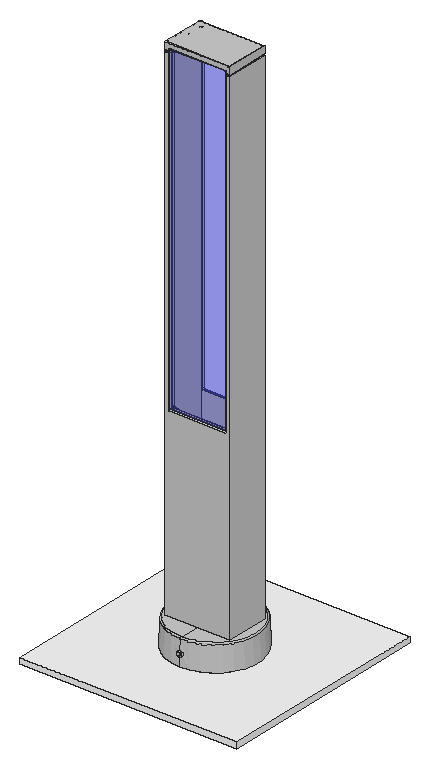
Revit family "BE_99330_de_DE", category Leuchten, Revit 2015
Parameters (values of type "BEGA_99330_Silber_K4")
  built-in parameter 1150104 = 12.089 (stored number, unit not read)
  Windangriffsfläche = ""
  Werkzeuglos = ""
  Wattage = 33.2 W
  Default Elevation = 0 mm
  built-in parameter 1150113 = 1 (stored number, unit not read)
  built-in parameter 1114218 = 1 (stored number, unit not read)
  Umgebungstemperatur = ""
  URL = "http://www.bega.de/produkt/99330"
  Typenkommentare = "© 2015 BEGA. Wir behalten uns das Recht vor, technische Änderungen ohne vorherige Ankündigung vorzunehmen."  # constant formula
  Type Image = 99330.png
  built-in parameter 1150134 = 12
  built-in parameter 1150109 = 1 (stored number, unit not read)
  Strom = ""
  built-in parameter 1150110 = 1 (stored number, unit not read)
  Spannung = 0 V
  Sonderanfertigung = no
  Seriennummer [instance] = "Hier können Sie die eindeutige Seriennummer für das Facility Management eintragen."
  Schutzklasse = "I"
  Schutzart = "IP 65"
  Scheinlast = 0 VA
  Produktdatenblatt = "http://www.bega.de/download/datenblaetter/de/99330.pdf"
  Oberflächentemperatur = ""
  Neigungswinkel = 0.00°
  Modell = "99330AK4"
  Material_17 = BEGA_Reflektor
  Material_15 = BEGA_Leuchtmedium_matt
  Material_11 = BEGA_Glas_opal
  Material_09 = BEGA_Glas_klar
  Material_06 = BEGA_Oberfläche_Edelstahl_gebürstet
  Material_02 = BEGA_Oberfläche_Silber_matt
  Material_01 [instance] = BEGA_Oberfläche_Grafit_matt
  M_W = no
  M_G = no
  M_A = yes
  Logo = 0
  built-in parameter 1114217 = 1 (stored number, unit not read)
  built-in parameter 1150139 = (empty or 0)
  built-in parameter 1150105 = 747.98 (stored number, unit not read)
  built-in parameter 1150114 = 1 (stored number, unit not read)
  Lumens = 4319.98 lm
  built-in parameter 1150115 = 1 (stored number, unit not read)
  Leuchtenlichtstrom = "1441 lm"
  Leuchtenanzahl = ""
  Lebensdauerkriterien = "L70 = 50.000 h"
  Lastklassifizierung = Beleuchtung
  built-in parameter 1150112 = 1 (stored number, unit not read)
  Lampenlichtstrom = "4320 lm"
  Lampe = "LED 33.2 W"
  LED_Modulbezeichnung = "4x LED-0380/840"
  built-in parameter 1150142 = (empty or 0)
  Hersteller = "BEGA"  # constant formula
  Halbstreuwinkel = ""
  Gewicht = "8.0 kg"
  Gebrauchslageneinschränkung [instance] = ""
  Frequenz = "50-60 Hz"
  Farbwiedergabeindex = "Ra > 80"
  Farbtemperaturverschiebung bei Dämpfen der Lampe = <Keine Auswahl>
  Farbtemperatur = "4000 K"
  Color Filter = 16777215
  Erdstücklänge_E = ""
  Erdstück [instance] = no
  built-in parameter 1150133 = 10 (stored number, unit not read)
  Energieeffizienzklasse = "LED A++ - A"
  Einstecktiefe = ""
  built-in parameter 1150137 = (empty or 0)
  built-in parameter 1150132 = (empty or 0)
  Einbau_in_Wärmedämmung = ""
  ENEC = ""
  Datei für fotometrisches Netz = "BE_99330K4.IES"
  CE_Konformität = "ja"
  Bestellnummer_Erdstück [instance] = if(Erdstück, "70895", "---")  # "---"
  Bestellnummer = "99330AK4"
  Beschreibung_Sonderanfertigung = "Hier können Sie Informationen zur Sonderanfertigung eintragen."
  Beschreibung = "Gartenleuchte"
  built-in parameter 1150106 = 7.4798 (stored number, unit not read)
  Belastbarkeit [instance] = ""
  Befestigungsbohrung = ""
  Befestigungsabstand = ""
  Ballwurfsicher = ""
  BEGA_Intern_aus = yes
  BEGA_Intern_an = yes
  BEGA_Intern_Konstruktion = yes
  BEGA_Intern = yes
  BEGA_IES = yes
  BEGA_Dummy = no
  Anschlussleitung = ""
  Anschlussleistung [instance] = "38.6 W"
  built-in parameter 1150107 = 4000 (stored number, unit not read)
  built-in parameter 1150102 = (empty or 0)
  built-in parameter 1150138 = (empty or 0)
  Aktualisierung = "2016-02-23T04:08:40"
  AC/DC = "AC"
Types (5, lengths in mm): name | built-in parameter 1150104 | built-in parameter 1150134 | Modell | M_G | M_A | built-in parameter 1150105 | Lumens | Leuchtenlichtstrom | Lampenlichtstrom | LED_Modulbezeichnung | Farbtemperatur | Datei für fotometrisches Netz | Bestellnummer | built-in parameter 1150106 | built-in parameter 1150107
  (no name) | 12.089 (stored number, unit not read) | 12 | "99330AK4" | no | yes | 747.98 (stored number, unit not read) | 4319.98 lm | "1441 lm" | "4320 lm" | "4x LED-0380/840" | "4000 K" | "BE_99330K4.IES" | "99330AK4" | 7.4798 (stored number, unit not read) | 4000 (stored number, unit not read)
  BEGA_99330_Grafit_K4 | 12.089 (stored number, unit not read) | 12 | "99330K4" | yes | no | 747.98 (stored number, unit not read) | 4319.98 lm | "1441 lm" | "4320 lm" | "4x LED-0380/840" | "4000 K" | "BE_99330K4.IES" | "99330K4" | 7.4798 (stored number, unit not read) | 4000 (stored number, unit not read)
  BEGA_99330_Grafit_K3 | 11.417 (stored number, unit not read) | (empty or 0) | "99330" | yes | no | 706.58 (stored number, unit not read) | 4079.95 lm | "1391 lm" | "4080 lm" | "4x LED-0380/830" | "3000 K" | "BE_99330.IES" | "99330" | 7.0658 (stored number, unit not read) | 3000 (stored number, unit not read)
  BEGA_99330_Silber_K3 | 11.417 (stored number, unit not read) | (empty or 0) | "99330A" | no | yes | 706.58 (stored number, unit not read) | 4079.95 lm | "1391 lm" | "4080 lm" | "4x LED-0380/830" | "3000 K" | "BE_99330.IES" | "99330A" | 7.0658 (stored number, unit not read) | 3000 (stored number, unit not read)
  BEGA_99330_Silber_K4 | 12.089 (stored number, unit not read) | 12 | "99330AK4" | no | yes | 747.98 (stored number, unit not read) | 4319.98 lm | "1441 lm" | "4320 lm" | "4x LED-0380/840" | "4000 K" | "BE_99330K4.IES" | "99330AK4" | 7.4798 (stored number, unit not read) | 4000 (stored number, unit not read)
Reference planes
  plane 1 "Mitte (Vorne/Hinten)": y = 0
  plane 2: z = 0
  plane 3 "Mitte (Links/Rechts)": x = 0
  plane 4 "Links": x = -81
  plane 5 "Rechts": x = 81
  plane 6 "Unten": y = -81
  plane 7 "Oben": y = 81
  plane 8 "Vorne": z = 1000.148
Forms (mm)
  Extrusion 1, solid, material "BEGA_Platte_Weiss"
    sketch origin (0, -1119.2, 0) x (1, 0, 0) y (0, 1, 0)
      loop
        line (-200, 1319.2) -> (-200, 919.2) -> (200, 919.2) -> (200, 1319.2) -> (-200, 1319.2)
    from 0 to -10
  Extrusion 2, solid, material "BEGA_Dummy_matt", visible <- "BEGA_Dummy"
    sketch origin (77.149, -76.023, 0) x (1, 0, 0) y (0, 1, 0)
      loop
        circle (-77.149, 76.023) r 81
    from 0 to 1000.148
Dimensions and locks
  plane 1 "Mitte (Vorne/Hinten)" to Extrusion 1 = 200 mm
  aligned and locked: plane 2 to Extrusion 1
  aligned and locked: level to Extrusion 1
Nested families
  nested 1: "BE_99330" at (0, 0, 0), type "BE_99330"
Connectors
  electrical at (0, 0, 0), driven by "Lastklassifizierung", driven by "Spannung", driven by "Scheinlast"
    settings: index 1, voltage 0 V, apparent load 0 VA, apparent load phase1 0 VA, apparent load phase2 0 VA, apparent load phase3 0 VA, power factor 1, load classification "Beleuchtung", number of poles 1, system type 31, power factor state 1, is connector primary yes, connector utility no, sub classification motor no, connector description ""
Definition of nested family "BE_99330"
  Parameters (values of type "BE_99330")
    Default Elevation = 1 mm
    URL = "http://www.bega.de/de/produkt"
    Type Comments = "© 2015 BEGA. Wir behalten uns das Recht vor, technische Änderungen ohne vorherige Ankündigung vorzunehmen. "  # constant formula
    Type Image = (empty or 0)
    Material_17 = none
    Material_15 = none
    Material_11 = none
    Material_09 = none
    Material_06 = none
    Material_03 = none
    Material_02 = none
    Material_01 = none
    M_W = yes
    M_G = yes
    M_A = yes
    Länge_Platte = 200 mm  # constant formula
    Höhe_Platte = -10 mm  # constant formula
    Manufacturer = "BEGA"  # constant formula
    Breite_Platte = 200 mm  # constant formula
  Reference planes
    plane 1 "Mitte (Oben/Unten)": y = 0
    plane 2: z = 0
    plane 3 "Mitte (Links/Rechts)": x = 0
    plane 4 "Hinten": z = 1000.148
    plane 5 "Links": x = -81
    plane 6 "Unten": y = -81
    plane 7: x = 81
    plane 8: y = 81
  Forms (mm)
    Extrusion 1, solid, detail levels medium
      sketch origin (0, 0, 0) x (1, 0, 0) y (0, 1, 0)
        loop
          line (-100, 100) -> (-100, -100) -> (100, -100) -> (100, 100) -> (-100, 100)
      from 0 to -10 <- "Höhe_Platte"
    Revolve 2, solid, material <- "Material_01", visible <- "M_G", detail levels medium+fine
      sketch origin (0, 0, 0) x (0, 1, 0) y (0, 0, 1)
        loop
          line (76, 0) -> (76, 5.5) -> (0, 5.5) -> (0, 0) -> (76, 0)
        axis (0, 0) -> (0, 5.5)
      angle from 0 to 360
    Revolve 3, solid, material <- "Material_01", visible <- "M_G", detail levels medium+fine
      sketch origin (0, 0, 0) x (0, 1, 0) y (0, 0, 1)
        loop
          arc (79.391, 48.215) -> (78.783, 49.585) -> (77.392, 50.148) r 2
          line (77.392, 50.148) -> (0, 50.148) -> (0, 42.148) -> (68.762, 42.148)
          arc (68.762, 42.148) -> (70.254, 41.646) -> (70.92, 40.221) r 2
          line (70.92, 40.221) -> (72.121, 5.835) -> (77.5, 5.648) -> (77.5, 2.148) -> (81, 2.148) -> (79.391, 48.215)
        axis (0, 50.148) -> (0, 2.148)
      angle from 0 to 360
    Sweep 4, solid, material <- "Material_01", visible <- "M_G", detail levels medium+fine
      path origin (0, 0, 0) x (1, 0, 0) y (0, 1, 0)
        loop
          line (60, 40) -> (-60, 40) -> (-60, -40) -> (60, -40) -> (60, 40)
      profile origin (0, 40, 0) x (0, -1, 0) y (0, 0, 1)
        loop
          line (0, 985.684) -> (2.449, 983.148) -> (6.9, 983.148) -> (7.532, 995.2)
          arc (7.532, 995.2) -> (7.842, 995.873) -> (8.53, 996.148) r 1
          line (8.53, 996.148) -> (17.785, 996.148) -> (17.785, 1000.148) -> (0.779, 1000.148)
          arc (0.779, 1000.148) -> (0.347, 1000.049) -> (0, 999.774) r 1
          line (0, 999.774) -> (0, 985.684)
    Extrusion 5, solid, material <- "Material_01", visible <- "M_G", detail levels medium+fine
      sketch origin (0, 0, 0) x (1, 0, 0) y (0, 1, 0)
        loop
          line (-42.215, 22.215) -> (-42.215, -22.215) -> (42.215, -22.215) -> (42.215, 22.215) -> (-42.215, 22.215)
      from 996.148 to 1000.148
    Sweep 6, solid, material <- "Material_01", visible <- "M_G", detail levels medium+fine
      path in 3D
        loop
          line (-60, 40, 999.774) -> (-60, -40, 999.774) -> (60, -40, 999.774) -> (60, 40, 999.774) -> (-60, 40, 999.774)
      profile origin (0, 40, 999.774) x (0, 0, 1) y (0, 1, 0)
        loop
          line (-949.627, 0) -> (-949.627, -6.8) -> (-16.627, -6.8) -> (-16.627, 0) -> (-949.627, 0)
    Sweep 7, void
      path origin (0, 0, 0) x (1, 0, 0) y (0, 0, 1)
        loop
          line (-53.711, 991.858) -> (-53.711, 389.437) -> (53.711, 389.437) -> (53.711, 991.858) -> (-53.711, 991.858)
      profile origin (0, 0, 991.858) x (0, 0, 1) y (0, -1, 0)
        loop
          line (0, 40) -> (-28.988, 40) -> (-28.988, 34.8) -> (-1.893, 34.8) -> (0, 40)
    Extrusion 8, solid, material <- "Material_11", detail levels medium+fine
      sketch origin (0, 0, 0) x (0, 1, 0) y (0, 0, 1)
        loop
          line (-39.8, 391.648) -> (-34.8, 391.648) -> (-34.8, 989.648) -> (-39.8, 989.648) -> (-39.8, 391.648)
      from -51.603 to 51.542
    Revolve 9, solid, material <- "Material_02", visible <- "M_A", detail levels medium+fine
      sketch origin (0, 0, 0) x (0, 1, 0) y (0, 0, 1)
        loop
          line (76, 0) -> (76, 5.5) -> (0, 5.5) -> (0, 0) -> (76, 0)
        axis (0, 0) -> (0, 5.5)
      angle from 0 to 360
    Revolve 10, solid, material <- "Material_02", visible <- "M_A", detail levels medium+fine
      sketch origin (0, 0, 0) x (0, 1, 0) y (0, 0, 1)
        loop
          arc (79.391, 48.215) -> (78.783, 49.585) -> (77.392, 50.148) r 2
          line (77.392, 50.148) -> (0, 50.148) -> (0, 42.148) -> (68.762, 42.148)
          arc (68.762, 42.148) -> (70.254, 41.646) -> (70.92, 40.221) r 2
          line (70.92, 40.221) -> (72.121, 5.835) -> (77.5, 5.648) -> (77.5, 2.148) -> (81, 2.148) -> (79.391, 48.215)
        axis (0, 50.148) -> (0, 2.148)
      angle from 0 to 360
    Sweep 11, solid, material <- "Material_02", visible <- "M_A", detail levels medium+fine
      path in 3D
        loop
          line (-60, 40, 999.774) -> (-60, -40, 999.774) -> (60, -40, 999.774) -> (60, 40, 999.774) -> (-60, 40, 999.774)
      profile origin (0, 40, 999.774) x (0, 0, 1) y (0, 1, 0)
        loop
          line (-949.627, 0) -> (-949.627, -6.8) -> (-16.627, -6.8) -> (-16.627, 0) -> (-949.627, 0)
    Sweep 12, solid, material <- "Material_02", visible <- "M_A", detail levels medium+fine
      path origin (0, 0, 0) x (1, 0, 0) y (0, 1, 0)
        loop
          line (60, 40) -> (-60, 40) -> (-60, -40) -> (60, -40) -> (60, 40)
      profile origin (0, 40, 0) x (0, -1, 0) y (0, 0, 1)
        loop
          line (0, 985.684) -> (2.449, 983.148) -> (6.9, 983.148) -> (7.532, 995.2)
          arc (7.532, 995.2) -> (7.842, 995.873) -> (8.53, 996.148) r 1
          line (8.53, 996.148) -> (17.785, 996.148) -> (17.785, 1000.148) -> (0.779, 1000.148)
          arc (0.779, 1000.148) -> (0.347, 1000.049) -> (0, 999.774) r 1
          line (0, 999.774) -> (0, 985.684)
    Extrusion 13, solid, material <- "Material_02", visible <- "M_A", detail levels medium+fine
      sketch origin (0, 0, 0) x (1, 0, 0) y (0, 1, 0)
        loop
          line (-42.215, 22.215) -> (-42.215, -22.215) -> (42.215, -22.215) -> (42.215, 22.215) -> (-42.215, 22.215)
      from 996.148 to 1000.148
    Revolve 14, void
      sketch origin (0, 0, 0) x (0, 1, 0) y (0, 0, 1)
        loop
          line (-80.443, 29.398) -> (-80.443, 24.148) -> (-71.081, 24.148) -> (-71.081, 29.398) -> (-80.443, 29.398)
        axis (-71.081, 24.148) -> (-80.443, 24.148)
      angle from 0 to 360
    Revolve 15, solid, material <- "Material_06", detail levels fine
      sketch origin (0, 0, 0) x (0, 1, 0) y (0, 0, 1)
        loop
          line (-71.912, 29.148) -> (-81.58, 29.148) -> (-82.5, 28.228) -> (-82.5, 24.148) -> (-71.912, 24.148) -> (-71.912, 29.148)
        axis (-71.912, 24.148) -> (-82.5, 24.148)
      angle from 0 to 360
    Extrusion 16, void
      sketch origin (0, 0, 0) x (1, 0, 0) y (0, 1, 0)
        loop
          arc (-10.618, -36.999) -> (-0.003, -38.492) -> (10.613, -37.001) r 38.5
          arc (10.613, -37.001) -> (13.012, -32.671) -> (8.683, -30.272) r 3.5
          arc (8.683, -30.272) -> (0, -31.492) -> (-8.682, -30.272) r 31.5
          arc (-8.682, -30.272) -> (-13.01, -32.669) -> (-10.618, -36.999) r 3.5
        loop
          arc (31.613, -32.728) -> (31.502, -39.083) -> (37.857, -39.194) r 4.495
          arc (37.857, -39.194) -> (47.194, -27.244) -> (52.876, -13.185) r 54.493
          arc (52.876, -13.185) -> (49.609, -7.728) -> (44.156, -11.001) r 4.495
          arc (44.156, -11.001) -> (39.411, -22.746) -> (31.613, -32.728) r 45.516
        loop
          arc (30.564, 7.629) -> (34.804, 5.079) -> (37.358, 9.317) r 3.5
          arc (37.358, 9.317) -> (33.341, 19.26) -> (26.738, 27.709) r 38.5
          arc (26.738, 27.709) -> (21.792, 27.613) -> (21.881, 22.667) r 3.5
          arc (21.881, 22.667) -> (27.279, 15.758) -> (30.564, 7.629) r 31.5
        loop
          arc (-21.882, 22.667) -> (-21.796, 27.616) -> (-26.745, 27.702) r 3.5
          arc (-26.745, 27.702) -> (-33.342, 19.257) -> (-37.357, 9.321) r 38.5
          arc (-37.357, 9.321) -> (-34.807, 5.079) -> (-30.565, 7.628) r 3.5
          arc (-30.565, 7.628) -> (-27.28, 15.757) -> (-21.882, 22.667) r 31.5
        loop
          arc (12.545, 43.753) -> (18.104, 46.834) -> (15.023, 52.394) r 4.495
          arc (15.023, 52.394) -> (-0.001, 54.506) -> (-15.024, 52.394) r 54.493
          arc (-15.024, 52.394) -> (-18.104, 46.835) -> (-12.544, 43.753) r 4.495
          arc (-12.544, 43.753) -> (-0.001, 45.516) -> (12.545, 43.753) r 45.516
        loop
          arc (-44.156, -11.002) -> (-49.605, -7.729) -> (-52.878, -13.177) r 4.495
          arc (-52.878, -13.177) -> (-47.198, -27.238) -> (-37.863, -39.189) r 54.493
          arc (-37.863, -39.189) -> (-31.504, -39.087) -> (-31.612, -32.728) r 4.495
          arc (-31.612, -32.728) -> (-39.411, -22.747) -> (-44.156, -11.002) r 45.516
        loop
          circle (0, 0.008) r 21.562
      from 0 to 14.688
    Sweep 17, void
      path origin (0, 0, 0) x (1, 0, 0) y (0, 0, -1)
        loop
          line (-53.711, -991.858) -> (53.711, -991.858) -> (53.711, -389.437) -> (-53.711, -389.437) -> (-53.711, -991.858)
      profile origin (0, 0, 991.858) x (0, 0, -1) y (0, 1, 0)
        loop
          line (0, 40) -> (1.893, 34.8) -> (28.988, 34.8) -> (28.988, 40) -> (0, 40)
    Extrusion 18, void
      sketch origin (0, 0, 0) x (1, 0, 0) y (0, 0, -1)
        loop
          line (45, -394.148) -> (-45, -394.148)
          arc (-45, -394.148) -> (-47.828, -395.319) -> (-49, -398.148) r 4
          line (-49, -398.148) -> (-49, -983.148)
          arc (-49, -983.148) -> (-47.828, -985.976) -> (-45, -987.148) r 4
          line (-45, -987.148) -> (45, -987.148)
          arc (45, -987.148) -> (47.828, -985.976) -> (49, -983.148) r 4
          line (49, -983.148) -> (49, -398.148)
          arc (49, -398.148) -> (47.828, -395.319) -> (45, -394.148) r 4
      from -43.155 to 40.526
    Extrusion 19, solid, material <- "Material_11", detail levels medium+fine
      sketch origin (0, 0, 0) x (0, -1, 0) y (0, 0, -1)
        loop
          line (-39.8, -391.648) -> (-39.8, -989.648) -> (-34.8, -989.648) -> (-34.8, -391.648) -> (-39.8, -391.648)
      from -51.603 to 51.542
  Cuts and joins
    Sweep 7, Sweep 17, Extrusion 18 cuts Sweep 4
    Sweep 7, Sweep 17, Extrusion 18 cuts Extrusion 5
    joined: Sweep 4, Extrusion 5
    Sweep 7, Extrusion 16, Sweep 17, Extrusion 18 cuts Sweep 6
    Sweep 7, Extrusion 16, Sweep 17, Extrusion 18 cuts Sweep 11
    Sweep 7, Sweep 17, Extrusion 18 cuts Sweep 12
    Sweep 17, Extrusion 18 cuts Extrusion 13
    joined: Sweep 12, Extrusion 13
    Revolve 14, Extrusion 16 cuts Revolve 3
    Revolve 14, Extrusion 16 cuts Revolve 10
    Extrusion 16 cuts Revolve 2
    Extrusion 16 cuts Revolve 9
    Sweep 17 cuts Extrusion 8
  Lines and regions (mm)
    sketch lines
      curve 1: line (60, 40, 999.774) -> (-60, 40, 999.774)
      curve 2: line (-60, 40, 999.774) -> (-60, -40, 999.774)
      curve 3: line (-60, -40, 999.774) -> (60, -40, 999.774)
      curve 4: line (60, -40, 999.774) -> (60, 40, 999.774)
      curve 5: line (60, 40, 999.774) -> (-60, 40, 999.774)
      curve 6: line (-60, 40, 999.774) -> (-60, -40, 999.774)
      curve 7: line (-60, -40, 999.774) -> (60, -40, 999.774)
      curve 8: line (60, -40, 999.774) -> (60, 40, 999.774)
  Dimensions and locks
    equal spacing: Extrusion 1 sketch curve, plane 3 "Mitte (Links/Rechts)", Extrusion 1 sketch curve
    equal spacing: Extrusion 1 sketch curve, plane 1 "Mitte (Oben/Unten)", Extrusion 1 sketch curve
    "Länge_Platte": Extrusion 1 sketch curve to Extrusion 1 sketch curve
    "Breite_Platte": Extrusion 1 sketch curve to Extrusion 1 sketch curve
    aligned and locked: Extrusion 1 to plane 2
    aligned and locked: level to Extrusion 1
  Automatic sketch dimensions
    Revolve 2 sketch curve to plane 1 "Mitte (Oben/Unten)" = 0 mm  (x2)
    Revolve 2 sketch curve to level = 0 mm
    plane 8 to Revolve 2 sketch curve = 5 mm
    Revolve 2 sketch curve to Revolve 2 sketch curve = 5.5 mm
    Revolve 2 sketch curve to level = 5.577 mm
    Revolve 2 sketch curve to Revolve 2 sketch curve = 10.745 mm
    Revolve 3 sketch curve to plane 1 "Mitte (Oben/Unten)" = 0 mm  (x2)
    Revolve 3 sketch curve to plane 8 = 0 mm
    plane 8 to Revolve 3 sketch curve = 12.238 mm
    Revolve 3 sketch curve to Revolve 3 sketch curve = 0.16 mm
    Revolve 3 sketch curve to Revolve 3 sketch curve = 1.999 mm
    plane 8 to Revolve 3 sketch curve = 8.879 mm
    plane 8 to Revolve 3 sketch curve = 3.608 mm
    plane 8 to Revolve 3 sketch curve = 3.5 mm
    plane 8 to Revolve 3 sketch curve = 1.609 mm
    level to Revolve 3 sketch curve = 2.148 mm
    Revolve 3 sketch curve to Revolve 3 sketch curve = 3.5 mm
    Revolve 3 sketch curve to Revolve 3 sketch curve = 0.188 mm
    Revolve 3 sketch curve to Revolve 3 sketch curve = 34.319 mm
    Revolve 3 sketch curve to Revolve 3 sketch curve = 0.067 mm  (x2)
    Revolve 3 sketch curve to Revolve 3 sketch curve = 7.927 mm
    Revolve 3 sketch curve to Revolve 3 sketch curve = 8 mm
    Revolve 3 sketch curve to Revolve 3 sketch curve = 0 mm  (x2)
    Revolve 3 sketch curve to level = 19.852 mm
    Revolve 3 sketch curve to Revolve 3 sketch curve = 25 mm
    plane 5 "Links" to Sweep 4 sketch curve = 21 mm
    plane 7 to Sweep 4 sketch curve = 21 mm
    plane 1 "Mitte (Oben/Unten)" to Sweep 4 sketch curve = 40 mm
    Sweep 4 sketch curve to plane 1 "Mitte (Oben/Unten)" = 40 mm
    Sweep 4 sketch curve to profile plane = 0 mm
    Sweep 4 sketch curve to profile plane = 0.779 mm
    Sweep 4 sketch curve to profile plane = 2.449 mm
    Sweep 4 sketch curve to Sweep 4 sketch curve = 4.451 mm
    Sweep 4 sketch curve to Sweep 4 sketch curve = 7.751 mm
    Sweep 4 sketch curve to Sweep 4 sketch curve = 9.254 mm
    level to Sweep 4 sketch curve = 983.148 mm
    Sweep 4 sketch curve to Sweep 4 sketch curve = 2.536 mm
    Sweep 4 sketch curve to Sweep 4 sketch curve = 12 mm
    Sweep 4 sketch curve to Sweep 4 sketch curve = 1 mm
    Sweep 4 sketch curve to Sweep 4 sketch curve = 3 mm
    Sweep 4 sketch curve to Sweep 4 sketch curve = 0.627 mm
    Sweep 4 sketch curve to Sweep 4 sketch curve = 0.999 mm
    Sweep 4 sketch curve to Sweep 4 sketch curve = 0 mm  (x2)
    plane 5 "Links" to Extrusion 5 sketch curve = 38.785 mm
    plane 7 to Extrusion 5 sketch curve = 38.785 mm
    plane 1 "Mitte (Oben/Unten)" to Extrusion 5 sketch curve = 22.215 mm
    Extrusion 5 sketch curve to plane 1 "Mitte (Oben/Unten)" = 22.215 mm
    Sweep 6 sketch curve to profile plane = 0 mm
    profile plane to Sweep 6 sketch curve = 949.627 mm
    Sweep 6 sketch curve to profile plane = 6.8 mm
    profile plane to Sweep 6 sketch curve = 16.627 mm
    Sweep 7 sketch curve to plane 4 "Hinten" = 8.289 mm
    plane 5 "Links" to Sweep 7 sketch curve = 27.289 mm
    plane 7 to Sweep 7 sketch curve = 27.289 mm
    level to Sweep 7 sketch curve = 389.437 mm
    profile plane to Sweep 7 sketch curve = 0 mm
    profile plane to Sweep 7 sketch curve = 1.893 mm
    Sweep 7 sketch curve to Sweep 7 sketch curve = 27.095 mm
    plane 1 "Mitte (Oben/Unten)" to Sweep 7 sketch curve = 34.8 mm
    Sweep 7 sketch curve to Sweep 7 sketch curve = 5.2 mm
    Extrusion 8 sketch curve to plane 4 "Hinten" = 10.5 mm
    plane 1 "Mitte (Oben/Unten)" to Extrusion 8 sketch curve = 39.8 mm
    Extrusion 8 sketch curve to Extrusion 8 sketch curve = 5 mm
    level to Extrusion 8 sketch curve = 391.648 mm
    Revolve 9 sketch curve to plane 1 "Mitte (Oben/Unten)" = 0 mm  (x2)
    Revolve 9 sketch curve to level = 0 mm
    plane 8 to Revolve 9 sketch curve = 5 mm
    Revolve 9 sketch curve to Revolve 9 sketch curve = 5.5 mm
    Revolve 9 sketch curve to level = 5.577 mm
    Revolve 9 sketch curve to Revolve 9 sketch curve = 10.745 mm
    Revolve 10 sketch curve to plane 1 "Mitte (Oben/Unten)" = 0 mm  (x2)
    Revolve 10 sketch curve to plane 8 = 0 mm
    plane 8 to Revolve 10 sketch curve = 12.238 mm
    Revolve 10 sketch curve to Revolve 10 sketch curve = 0.16 mm
    Revolve 10 sketch curve to Revolve 10 sketch curve = 1.999 mm
    plane 8 to Revolve 10 sketch curve = 8.879 mm
    plane 8 to Revolve 10 sketch curve = 3.608 mm
    plane 8 to Revolve 10 sketch curve = 3.5 mm
    plane 8 to Revolve 10 sketch curve = 1.609 mm
    level to Revolve 10 sketch curve = 2.148 mm
    Revolve 10 sketch curve to Revolve 10 sketch curve = 3.5 mm
    Revolve 10 sketch curve to Revolve 10 sketch curve = 0.188 mm
    Revolve 10 sketch curve to Revolve 10 sketch curve = 34.319 mm
    Revolve 10 sketch curve to Revolve 10 sketch curve = 0.067 mm  (x2)
    Revolve 10 sketch curve to Revolve 10 sketch curve = 7.927 mm
    Revolve 10 sketch curve to Revolve 10 sketch curve = 8 mm
    Revolve 10 sketch curve to Revolve 10 sketch curve = 0 mm  (x2)
    Revolve 10 sketch curve to level = 19.852 mm
    Revolve 10 sketch curve to Revolve 10 sketch curve = 25 mm
    Sweep 11 sketch curve to profile plane = 0 mm
    profile plane to Sweep 11 sketch curve = 949.627 mm
    Sweep 11 sketch curve to profile plane = 6.8 mm
    profile plane to Sweep 11 sketch curve = 16.627 mm
    plane 5 "Links" to Sweep 12 sketch curve = 21 mm
    plane 7 to Sweep 12 sketch curve = 21 mm
    plane 1 "Mitte (Oben/Unten)" to Sweep 12 sketch curve = 40 mm
    Sweep 12 sketch curve to plane 1 "Mitte (Oben/Unten)" = 40 mm
    Sweep 12 sketch curve to profile plane = 0 mm
    Sweep 12 sketch curve to profile plane = 0.779 mm
    Sweep 12 sketch curve to profile plane = 2.449 mm
    Sweep 12 sketch curve to Sweep 12 sketch curve = 4.451 mm
    Sweep 12 sketch curve to Sweep 12 sketch curve = 7.751 mm
    Sweep 12 sketch curve to Sweep 12 sketch curve = 9.254 mm
    level to Sweep 12 sketch curve = 983.148 mm
    Sweep 12 sketch curve to Sweep 12 sketch curve = 2.536 mm
    Sweep 12 sketch curve to Sweep 12 sketch curve = 12 mm
    Sweep 12 sketch curve to Sweep 12 sketch curve = 1 mm
    Sweep 12 sketch curve to Sweep 12 sketch curve = 3 mm
    Sweep 12 sketch curve to Sweep 12 sketch curve = 0.627 mm
    Sweep 12 sketch curve to Sweep 12 sketch curve = 0.999 mm
    Sweep 12 sketch curve to Sweep 12 sketch curve = 0 mm  (x2)
    plane 5 "Links" to Extrusion 13 sketch curve = 38.785 mm
    plane 7 to Extrusion 13 sketch curve = 38.785 mm
    plane 1 "Mitte (Oben/Unten)" to Extrusion 13 sketch curve = 22.215 mm
    Extrusion 13 sketch curve to plane 1 "Mitte (Oben/Unten)" = 22.215 mm
    plane 6 "Unten" to Revolve 14 sketch curve = 0.557 mm
    Revolve 14 sketch curve to Revolve 14 sketch curve = 9.363 mm
    level to Revolve 14 sketch curve = 24.148 mm
    Revolve 14 sketch curve to Revolve 14 sketch curve = 5.25 mm
    Revolve 14 sketch curve to plane 6 "Unten" = 3.119 mm
    Revolve 14 sketch curve to Revolve 14 sketch curve = 1.658 mm
    Revolve 14 sketch curve to Revolve 14 sketch curve = 0 mm
    Revolve 15 sketch curve to plane 6 "Unten" = 1.5 mm
    Revolve 15 sketch curve to plane 6 "Unten" = 0.58 mm
    plane 6 "Unten" to Revolve 15 sketch curve = 9.088 mm
    level to Revolve 15 sketch curve = 24.148 mm
    Revolve 15 sketch curve to Revolve 15 sketch curve = 4.08 mm
    Revolve 15 sketch curve to Revolve 15 sketch curve = 0.92 mm
    Revolve 15 sketch curve to Revolve 15 sketch curve = 0.974 mm
    Revolve 15 sketch curve to Revolve 15 sketch curve = 0 mm  (x2)
    plane 1 "Mitte (Oben/Unten)" to Extrusion 16 sketch curve = 0 mm
    Extrusion 16 sketch curve to plane 3 "Mitte (Links/Rechts)" = 0 mm  (x2)
    Extrusion 16 sketch curve to Extrusion 16 sketch curve = 0 mm  (x33)
    Extrusion 16 sketch curve to Extrusion 16 sketch curve = 0.001 mm  (x4)
    Extrusion 16 sketch curve to plane 3 "Mitte (Links/Rechts)" = 0.002 mm
    Extrusion 16 sketch curve to Extrusion 16 sketch curve = 0.003 mm
    Extrusion 16 sketch curve to Extrusion 16 sketch curve = 0.005 mm  (x2)
    Extrusion 16 sketch curve to plane 3 "Mitte (Links/Rechts)" = 9.646 mm
    Extrusion 16 sketch curve to plane 3 "Mitte (Links/Rechts)" = 13.783 mm
    Extrusion 16 sketch curve to plane 3 "Mitte (Links/Rechts)" = 24.314 mm
    Extrusion 16 sketch curve to plane 1 "Mitte (Oben/Unten)" = 8.475 mm
    Extrusion 16 sketch curve to Extrusion 16 sketch curve = 9.647 mm
    Extrusion 16 sketch curve to Extrusion 16 sketch curve = 25.088 mm  (x2)
    plane 1 "Mitte (Oben/Unten)" to Extrusion 16 sketch curve = 12.09 mm
    Extrusion 16 sketch curve to Extrusion 16 sketch curve = 14.557 mm  (x2)
    plane 3 "Mitte (Links/Rechts)" to Extrusion 16 sketch curve = 0 mm
    plane 3 "Mitte (Links/Rechts)" to Extrusion 16 sketch curve = 0.004 mm
    plane 3 "Mitte (Links/Rechts)" to Extrusion 16 sketch curve = 0.007 mm
    plane 3 "Mitte (Links/Rechts)" to Extrusion 16 sketch curve = 9.648 mm
    plane 3 "Mitte (Links/Rechts)" to Extrusion 16 sketch curve = 13.783 mm
    plane 3 "Mitte (Links/Rechts)" to Extrusion 16 sketch curve = 24.313 mm
    Extrusion 16 sketch curve to plane 1 "Mitte (Oben/Unten)" = 8.476 mm
    Extrusion 16 sketch curve to Extrusion 16 sketch curve = 9.648 mm
    plane 1 "Mitte (Oben/Unten)" to Extrusion 16 sketch curve = 33.636 mm
    Extrusion 16 sketch curve to Extrusion 16 sketch curve = 2.324 mm
    Extrusion 16 sketch curve to Extrusion 16 sketch curve = 2.325 mm
    plane 1 "Mitte (Oben/Unten)" to Extrusion 16 sketch curve = 12.088 mm
    Extrusion 16 sketch curve to plane 1 "Mitte (Oben/Unten)" = 0.005 mm
    Extrusion 16 sketch curve to plane 1 "Mitte (Oben/Unten)" = 0.006 mm
    Extrusion 16 sketch curve to Extrusion 16 sketch curve = 0.002 mm  (x3)
    Extrusion 16 sketch curve to Extrusion 16 sketch curve = 0.006 mm  (x2)
    Extrusion 16 sketch curve to Extrusion 16 sketch curve = 16.71 mm
    Extrusion 16 sketch curve to Extrusion 16 sketch curve = 16.709 mm
    Extrusion 16 sketch curve to Extrusion 16 sketch curve = 22.888 mm
    Extrusion 16 sketch curve to Extrusion 16 sketch curve = 22.889 mm
    Extrusion 16 sketch curve to Extrusion 16 sketch curve = 0.964 mm
    Extrusion 16 sketch curve to Extrusion 16 sketch curve = 0.972 mm
    Extrusion 16 sketch curve to Extrusion 16 sketch curve = 1.239 mm  (x3)
    Extrusion 16 sketch curve to Extrusion 16 sketch curve = 2.431 mm  (x3)
    Extrusion 16 sketch curve to Extrusion 16 sketch curve = 3.396 mm  (x3)
    Extrusion 16 sketch curve to Extrusion 16 sketch curve = 3.122 mm  (x3)
    Extrusion 16 sketch curve to Extrusion 16 sketch curve = 3.128 mm
    Extrusion 16 sketch curve to Extrusion 16 sketch curve = 4.361 mm  (x3)
    Extrusion 16 sketch curve to Extrusion 16 sketch curve = 0.966 mm
    Extrusion 16 sketch curve to Extrusion 16 sketch curve = 0.965 mm
    Extrusion 16 sketch curve to Extrusion 16 sketch curve = 1.24 mm
    Extrusion 16 sketch curve to Extrusion 16 sketch curve = 2.425 mm
    Extrusion 16 sketch curve to Extrusion 16 sketch curve = 3.397 mm
    Extrusion 16 sketch curve to Extrusion 16 sketch curve = 4.359 mm
    Extrusion 16 sketch curve to Extrusion 16 sketch curve = 1.087 mm
    Extrusion 16 sketch curve to Extrusion 16 sketch curve = 1.097 mm
    Extrusion 16 sketch curve to Extrusion 16 sketch curve = 3.365 mm
    Extrusion 16 sketch curve to Extrusion 16 sketch curve = 3.233 mm
    Extrusion 16 sketch curve to Extrusion 16 sketch curve = 0.847 mm  (x2)
    Extrusion 16 sketch curve to Extrusion 16 sketch curve = 4.32 mm
    Sweep 17 sketch curve to plane 4 "Hinten" = 8.289 mm
    plane 5 "Links" to Sweep 17 sketch curve = 27.289 mm
    plane 7 to Sweep 17 sketch curve = 27.289 mm
    level to Sweep 17 sketch curve = 389.437 mm
    Sweep 17 sketch curve to profile plane = 0 mm
    Sweep 17 sketch curve to profile plane = 1.893 mm
    Sweep 17 sketch curve to Sweep 17 sketch curve = 27.095 mm
    profile plane to Sweep 17 sketch curve = 34.8 mm
    Sweep 17 sketch curve to Sweep 17 sketch curve = 5.2 mm
    plane 5 "Links" to Extrusion 18 sketch curve = 32 mm
    Extrusion 18 sketch curve to Extrusion 18 sketch curve = 4 mm  (x3)
    Extrusion 18 sketch curve to plane 4 "Hinten" = 17 mm
    plane 7 to Extrusion 18 sketch curve = 36 mm  (x2)
    level to Extrusion 18 sketch curve = 398.148 mm
    plane 4 "Hinten" to Extrusion 19 sketch curve = 10.5 mm
    plane 1 "Mitte (Oben/Unten)" to Extrusion 19 sketch curve = 39.8 mm
    Extrusion 19 sketch curve to Extrusion 19 sketch curve = 5 mm
    Extrusion 19 sketch curve to level = 391.648 mm
    radius of Extrusion 16 sketch curve = 21.562 mm
